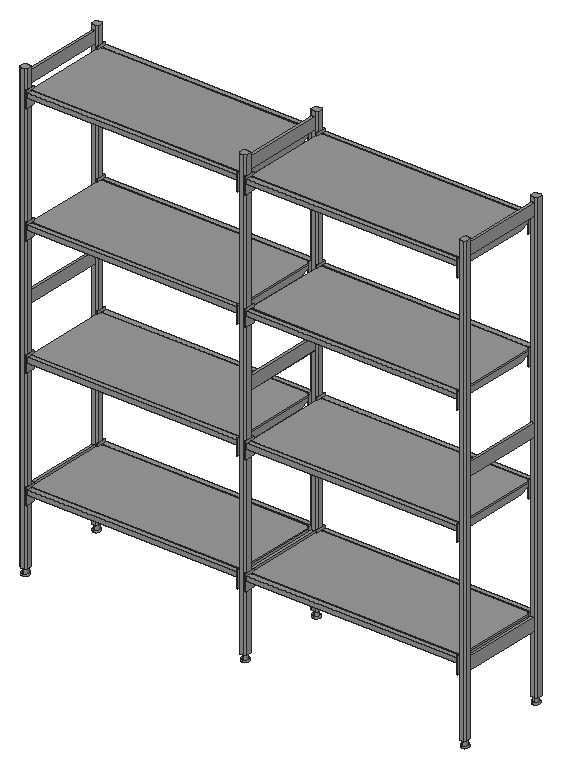
Revit family "QF_ZANUSSI_137020_ALS1696", category Attrezzature speciali, Revit 2020
Family settings
  Quota connettore circolare = Usa diametro
  Tipo di parte = Normale
  Basato su piano di lavoro = No
  Sempre verticale = Sì
  Taglio con vuoti quando caricato = No
  Condiviso = No
  Punto di calcolo locali = No
Parameters (values of type "Standard")
  Weight = 30.00 kg
  Watts = 0 W
  Volts = 0 V
  URL Manufacturer = "http://www.zanussiprofessional.com"
  URL = "http://www.zanussiprofessional.com"
  Steam Supply Size = 0 mm
  Steam Supply Minimum Pressure = 0.0 Pa
  Steam Supply Maximum Pressure = 0.0 Pa
  Steam Consumption per Hour = 0
  Refrigeration Suction Line Size = 0.0 mm
  Refrigeration Liquid Line Size = 0.0 mm
  Refrigerant Compressor Remote = yes
  Prospetto di default = 0.0 mm
  Phase = 0
  Modello = "ALS1696"
  Produttore = "Zanussi"
  Length Actual = 1696.0 mm  # constant formula
  Item Number = "137020"
  Hot Water Size = 0 mm
  Height Actual = 1700.0 mm  # constant formula
  HP = "0 HP"
  Gas Size = 0 mm
  Gas KW = 0
  Gas Input Pressure = 0 W
  Direct Waste Size = 0 mm
  Descrizione = "ALUM.LINEAR SHELV.-POLY.TIERS-373X1696MM"
  Depth Actual = 373.0 mm  # constant formula
  Cycle = 0 Hz
  Condensate Return Size = 0 mm
  Compressed Air Volume = 0.0 L/s
  Compressed Air Size = 0 mm
  Compressed Air Pressure = 0.0 Pa
  Cold Water Size = 0 mm
  Accessory = yes
Reference planes
  plane 1: z = 0
  plane 2 "CenterLeft": x = -31
  plane 3 "LEFT": x = -417
  plane 4 "BACK": y = 23
  plane 5 "FRONT": y = -350
  plane 6 "TOP": z = 1700
  plane 7: x = -385
  plane 8: x = 413
  plane 9 "Center (Front/Back)": y = -163.5
  plane 10: y = -8.5
  plane 11: y = -318.5
  plane 12 "FEET": z = 25
  plane 13: z = 275
  plane 14: z = 725
  plane 15: z = 1175
  plane 16: z = 1625
  plane 17 "CXLeft": x = -403
  plane 18 "Center (Left/Right)": x = 431
  plane 19: y = 5.5
  plane 20 "CYBack": y = 5.5
  plane 21 "CYFront": y = -332.5
  plane 22 "RIGHT": x = 1279
  plane 23: x = 1247
  plane 24 "CXRight": x = 1265
  plane 25: x = 449
Forms (mm)
  Extrusion 1, solid, material "QF_Aluminum"
    sketch origin (-417, 0, -4.006) x (0, 1, 0) y (0, 0, 1)
      loop
        line (-12, 1637.003) -> (4, 1637.003) -> (4, 1655) -> (2.007, 1655) -> (2.007, 1648.501) -> (-329, 1648.501) -> (-329, 1655) -> (-331, 1655) -> (-331, 1637.003) -> (-315, 1637.003) -> (-281, 1625) -> (-46, 1625) -> (-12, 1637.003)
      loop
        line (-12, 1187.003) -> (4, 1187.003) -> (4, 1205) -> (2.007, 1205) -> (2.007, 1198.501) -> (-329, 1198.501) -> (-329, 1205) -> (-331, 1205) -> (-331, 1187.003) -> (-315, 1187.003) -> (-281, 1175) -> (-46, 1175) -> (-12, 1187.003)
      loop
        line (-12, 737.003) -> (4, 737.003) -> (4, 755) -> (2.007, 755) -> (2.007, 748.501) -> (-329, 748.501) -> (-329, 755) -> (-331, 755) -> (-331, 737.003) -> (-315, 737.003) -> (-281, 725) -> (-46, 725) -> (-12, 737.003)
      loop
        line (-12, 287.003) -> (4, 287.003) -> (4, 305) -> (2.007, 305) -> (2.007, 298.501) -> (-329, 298.501) -> (-329, 305) -> (-331, 305) -> (-331, 287.003) -> (-315, 287.003) -> (-281, 275) -> (-46, 275) -> (-12, 287.003)
    from 37 to 32
  Extrusion 2, solid, material "QF_Aluminum"
    sketch origin (-417, 0, 0) x (0, 1, 0) y (0, 0, 1)
      loop
        line (23, 246.005) -> (23, 307.993) -> (-12.993, 307.993) -> (-12.993, 246.005) -> (23, 246.005)
      loop
        line (-350, 246.005) -> (-314.007, 246.005) -> (-314.007, 307.993) -> (-350, 307.993) -> (-350, 246.005)
      loop
        line (23, 696.005) -> (23, 757.993) -> (-12.993, 757.993) -> (-12.993, 696.005) -> (23, 696.005)
      loop
        line (-350, 696.005) -> (-314.007, 696.005) -> (-314.007, 757.993) -> (-350, 757.993) -> (-350, 696.005)
      loop
        line (23, 1146.005) -> (23, 1207.993) -> (-12.993, 1207.993) -> (-12.993, 1146.005) -> (23, 1146.005)
      loop
        line (-350, 1146.005) -> (-314.007, 1146.005) -> (-314.007, 1207.993) -> (-350, 1207.993) -> (-350, 1146.005)
      loop
        line (23, 1596.005) -> (23, 1657.993) -> (-12.993, 1657.993) -> (-12.993, 1596.005) -> (23, 1596.005)
      loop
        line (-350, 1596.005) -> (-314.007, 1596.005) -> (-314.007, 1657.993) -> (-350, 1657.993) -> (-350, 1596.005)
    from 28 to 32
  Extrusion 3, solid, material "QF_Aluminum"
    sketch origin (-417, 0, 0) x (0, 1, 0) y (0, 0, 1)
      loop
        line (4, 1650.994) -> (4, 1632.998) -> (23, 1632.998) -> (23, 1650.994) -> (4, 1650.994)
      loop
        line (-331, 1650.994) -> (-350, 1650.994) -> (-350, 1632.998) -> (-331, 1632.998) -> (-331, 1650.994)
      loop
        line (4, 1200.994) -> (4, 1182.998) -> (23, 1182.998) -> (23, 1200.994) -> (4, 1200.994)
      loop
        line (-331, 1200.994) -> (-350, 1200.994) -> (-350, 1182.998) -> (-331, 1182.998) -> (-331, 1200.994)
      loop
        line (4, 750.994) -> (4, 732.998) -> (23, 732.998) -> (23, 750.994) -> (4, 750.994)
      loop
        line (-331, 750.994) -> (-350, 750.994) -> (-350, 732.998) -> (-331, 732.998) -> (-331, 750.994)
      loop
        line (4, 300.994) -> (4, 282.998) -> (23, 282.998) -> (23, 300.994) -> (4, 300.994)
      loop
        line (-331, 300.994) -> (-350, 300.994) -> (-350, 282.998) -> (-331, 282.998) -> (-331, 300.994)
    from 32 to 830
  Extrusion 4, solid, material "QF_Polyethylene"
    sketch origin (-417, 0, 0) x (0, 1, 0) y (0, 0, 1)
      loop
        line (2.007, 1650.994) -> (-329, 1650.994) -> (-329, 1644.496) -> (2.007, 1644.496) -> (2.007, 1650.994)
      loop
        line (2.007, 1200.994) -> (-329, 1200.994) -> (-329, 1194.496) -> (2.007, 1194.496) -> (2.007, 1200.994)
      loop
        line (2.007, 750.994) -> (-329, 750.994) -> (-329, 744.496) -> (2.007, 744.496) -> (2.007, 750.994)
      loop
        line (2.007, 300.994) -> (-329, 300.994) -> (-329, 294.496) -> (2.007, 294.496) -> (2.007, 300.994)
    from 32 to 830
  Extrusion 5, solid, material "QF_Aluminum"
    sketch origin (1279, 0, 0) x (0, 1, 0) y (0, 0, 1)
      loop
        line (4, 1650.994) -> (4, 1632.998) -> (23, 1632.998) -> (23, 1650.994) -> (4, 1650.994)
      loop
        line (-331, 1650.994) -> (-350, 1650.994) -> (-350, 1632.998) -> (-331, 1632.998) -> (-331, 1650.994)
      loop
        line (4, 1200.994) -> (4, 1182.998) -> (23, 1182.998) -> (23, 1200.994) -> (4, 1200.994)
      loop
        line (-331, 1200.994) -> (-350, 1200.994) -> (-350, 1182.998) -> (-331, 1182.998) -> (-331, 1200.994)
      loop
        line (4, 750.994) -> (4, 732.998) -> (23, 732.998) -> (23, 750.994) -> (4, 750.994)
      loop
        line (-331, 750.994) -> (-350, 750.994) -> (-350, 732.998) -> (-331, 732.998) -> (-331, 750.994)
      loop
        line (4, 300.994) -> (4, 282.998) -> (23, 282.998) -> (23, 300.994) -> (4, 300.994)
      loop
        line (-331, 300.994) -> (-350, 300.994) -> (-350, 282.998) -> (-331, 282.998) -> (-331, 300.994)
    from -32 to -830
  Extrusion 6, solid, material "QF_Polyethylene"
    sketch origin (1279, 0, 0) x (0, 1, 0) y (0, 0, 1)
      loop
        line (2.007, 1650.994) -> (-329, 1650.994) -> (-329, 1644.496) -> (2.007, 1644.496) -> (2.007, 1650.994)
      loop
        line (2.007, 1200.994) -> (-329, 1200.994) -> (-329, 1194.496) -> (2.007, 1194.496) -> (2.007, 1200.994)
      loop
        line (2.007, 750.994) -> (-329, 750.994) -> (-329, 744.496) -> (2.007, 744.496) -> (2.007, 750.994)
      loop
        line (2.007, 300.994) -> (-329, 300.994) -> (-329, 294.496) -> (2.007, 294.496) -> (2.007, 300.994)
    from -32 to -830
Lines and regions (mm)
  symbolic lines
    curve 1: line (413, 4, 1700) -> (-385, 4, 1700)
    curve 2: line (-408, -8.5, 1700) -> (-408, -318.5, 1700)
    curve 3: line (-398, -318.5, 1700) -> (-398, -8.5, 1700)
    curve 4: line (-389, 23, 1700) -> (417, 23, 1700)
    curve 5: line (-385, -350, 1700) -> (413, -350, 1700)
    curve 6: line (445, 23, 1700) -> (1251, 23, 1700)
    curve 7: line (445, -350, 1700) -> (1251, -350, 1700)
    curve 8: line (-385, -331, 1700) -> (413, -331, 1700)
    curve 9: line (449, -331, 1700) -> (1247, -331, 1700)
    curve 10: line (449, 4, 1700) -> (1247, 4, 1700)
    curve 11: line (1247, -12.993, 1700) -> (1247, -314.007, 1700)
    curve 12: line (413, -12.993, 1700) -> (413, -314.007, 1700)
    curve 13: line (449, -314.007, 1700) -> (449, -12.993, 1700)
    curve 14: line (-385, -12.993, 1700) -> (-385, -314.007, 1700)
Dimensions and locks
  plane 3 "LEFT" to plane 2 "CenterLeft" = 386.0 mm
  locked: plane 6 "TOP" to level at 1700
  locked: plane 4 "BACK" to plane 5 "FRONT" at 373
  locked: plane 7 to plane 8 at 798
  locked: plane 10 to plane 11 at 310
  equal spacing: plane 10, plane 9 "Center (Front/Back)", plane 11
  equal spacing: plane 4 "BACK", plane 9 "Center (Front/Back)", plane 5 "FRONT"
  plane 12 "FEET" to level = 25.0 mm
  plane 6 "TOP" to plane 12 "FEET" = 1675.0 mm
  plane 13 to plane 12 "FEET" = 250.0 mm
  plane 14 to plane 13 = 450.0 mm
  plane 15 to plane 14 = 450.0 mm
  plane 16 to plane 15 = 450.0 mm
  locked: plane 4 "BACK" to plane 20 "CYBack" at 17.5
  locked: plane 21 "CYFront" to plane 5 "FRONT" at 17.5
  locked: plane 4 "BACK" to Extrusion 1 at 19
  locked: Extrusion 1 to plane 5 "FRONT" at 19
  Extrusion 1 sketch curve to plane 21 "CYFront" = 3.5 mm
  plane 3 "LEFT" to plane 22 "RIGHT" = 1696.0 mm
  locked: plane 25 to plane 23 at 798
  locked: plane 8 to plane 18 "Center (Left/Right)" at 18
  locked: plane 18 "Center (Left/Right)" to plane 25 at 18
  locked: plane 3 "LEFT" to plane 7 at 32
  locked: plane 24 "CXRight" to plane 22 "RIGHT" at 14
  aligned and locked: level to plane 1
  aligned and locked: plane 7 to Extrusion 1
  aligned and locked: Extrusion 2 to plane 7
  aligned and locked: plane 7 to Extrusion 4
  aligned and locked: Extrusion 4 to plane 8
  aligned and locked: plane 7 to Extrusion 3
  aligned and locked: Extrusion 3 to plane 8
  aligned and locked: Extrusion 3 sketch curve to Extrusion 1
  aligned and locked: Extrusion 1 to Extrusion 3 sketch curve
  aligned and locked: Extrusion 3 sketch curve to Extrusion 3 sketch curve  (x2)
  aligned and locked: Extrusion 1 sketch curve to Extrusion 1 sketch curve  (x3)
  aligned and locked: Extrusion 4 sketch curve to Extrusion 1  (x4)
  aligned and locked: Extrusion 5 sketch curve to Extrusion 5 sketch curve  (x2)
  aligned and locked: Extrusion 5 to plane 25
  aligned and locked: Extrusion 6 to plane 25
  aligned and locked: plane 18 "Center (Left/Right)" to nested 3
  aligned and locked: plane 17 "CXLeft" to nested 1
  aligned and locked: Extrusion 3 to plane 7  (x3)
  aligned and locked: plane 8 to Extrusion 3  (x4)
  aligned and locked: plane 25 to Extrusion 5  (x4)
  aligned and locked: plane 25 to Extrusion 6  (x4)
  aligned and locked: plane 8 to Extrusion 4  (x4)
  aligned and locked: plane 24 "CXRight" to nested 2
  aligned and locked: Extrusion 5 to plane 23
  aligned and locked: Extrusion 6 to plane 23
  aligned and locked: plane 23 to Extrusion 5  (x3)
  aligned and locked: plane 23 to Extrusion 6  (x3)
Automatic sketch dimensions
  plane 21 "CYFront" to Extrusion 1 sketch curve = 1.5 mm  (x4)
  plane 11 to Extrusion 1 sketch curve = 3.5 mm  (x4)
  Extrusion 1 sketch curve to plane 13 = 4.006 mm
  Extrusion 1 sketch curve to Extrusion 1 sketch curve = 34.0 mm  (x4)
  Extrusion 1 sketch curve to plane 14 = 4.006 mm
  Extrusion 1 sketch curve to plane 15 = 4.006 mm
  Extrusion 1 sketch curve to plane 16 = 4.006 mm
  Extrusion 1 sketch curve to plane 10 = 37.5 mm  (x4)
  Extrusion 1 sketch curve to plane 10 = 3.5 mm  (x4)
  plane 19 to Extrusion 1 sketch curve = 3.493 mm  (x4)
  plane 19 to Extrusion 1 sketch curve = 1.5 mm  (x4)
  plane 13 to Extrusion 1 sketch curve = 7.998 mm  (x2)
  Extrusion 1 sketch curve to Extrusion 1 sketch curve = 11.498 mm  (x4)
  Extrusion 1 sketch curve to Extrusion 1 sketch curve = 6.499 mm  (x8)
  plane 14 to Extrusion 1 sketch curve = 7.998 mm  (x2)
  plane 15 to Extrusion 1 sketch curve = 7.998 mm  (x2)
  plane 16 to Extrusion 1 sketch curve = 7.998 mm  (x2)
  Extrusion 2 sketch curve to plane 5 "FRONT" = 0.0 mm  (x4)
  Extrusion 2 sketch curve to plane 4 "BACK" = 0.0 mm  (x4)
  plane 11 to Extrusion 2 sketch curve = 4.493 mm  (x4)
  Extrusion 2 sketch curve to plane 10 = 4.493 mm  (x4)
  Extrusion 2 sketch curve to plane 13 = 28.995 mm  (x2)
  plane 13 to Extrusion 2 sketch curve = 32.993 mm  (x2)
  Extrusion 2 sketch curve to plane 14 = 28.995 mm  (x2)
  plane 14 to Extrusion 2 sketch curve = 32.993 mm  (x2)
  Extrusion 2 sketch curve to plane 15 = 28.995 mm  (x2)
  plane 15 to Extrusion 2 sketch curve = 32.993 mm  (x2)
  Extrusion 2 sketch curve to plane 16 = 28.995 mm  (x2)
  plane 16 to Extrusion 2 sketch curve = 32.993 mm  (x2)
  Extrusion 3 sketch curve to plane 5 "FRONT" = 0.0 mm  (x4)
  Extrusion 3 sketch curve to plane 4 "BACK" = 0.0 mm  (x4)
  plane 19 to Extrusion 3 sketch curve = 1.5 mm  (x4)
  plane 13 to Extrusion 3 sketch curve = 7.998 mm  (x2)
  Extrusion 3 sketch curve to Extrusion 3 sketch curve = 17.997 mm  (x8)
  plane 14 to Extrusion 3 sketch curve = 7.998 mm  (x2)
  plane 15 to Extrusion 3 sketch curve = 7.998 mm  (x2)
  plane 16 to Extrusion 3 sketch curve = 7.998 mm  (x2)
  plane 19 to Extrusion 4 sketch curve = 3.493 mm  (x4)
  plane 13 to Extrusion 4 sketch curve = 19.496 mm
  Extrusion 4 sketch curve to Extrusion 4 sketch curve = 6.499 mm  (x4)
  plane 14 to Extrusion 4 sketch curve = 19.496 mm
  plane 15 to Extrusion 4 sketch curve = 19.496 mm
  plane 16 to Extrusion 4 sketch curve = 19.496 mm
  Extrusion 5 sketch curve to plane 5 "FRONT" = 0.0 mm  (x4)
  Extrusion 5 sketch curve to plane 4 "BACK" = 0.0 mm  (x4)
  plane 21 "CYFront" to Extrusion 5 sketch curve = 1.5 mm  (x2)
  plane 19 to Extrusion 5 sketch curve = 1.5 mm  (x4)
  plane 13 to Extrusion 5 sketch curve = 7.998 mm  (x2)
  Extrusion 5 sketch curve to Extrusion 5 sketch curve = 17.997 mm  (x8)
  plane 14 to Extrusion 5 sketch curve = 7.998 mm  (x2)
  plane 15 to Extrusion 5 sketch curve = 7.998 mm  (x2)
  plane 16 to Extrusion 5 sketch curve = 7.998 mm  (x2)
  plane 21 "CYFront" to Extrusion 6 sketch curve = 3.5 mm  (x4)
  plane 19 to Extrusion 6 sketch curve = 3.493 mm  (x4)
  plane 13 to Extrusion 6 sketch curve = 19.496 mm
  Extrusion 6 sketch curve to Extrusion 6 sketch curve = 6.499 mm  (x4)
  plane 14 to Extrusion 6 sketch curve = 19.496 mm
  plane 15 to Extrusion 6 sketch curve = 19.496 mm
  plane 16 to Extrusion 6 sketch curve = 19.496 mm
  curve 7 to plane 5 "FRONT" = 0.0 mm
  curve 5 to plane 5 "FRONT" = 0.0 mm
  curve 8 to plane 8 = 0.0 mm
  curve 9 to plane 25 = 0.0 mm
  curve 9 to plane 23 = 0.0 mm
  curve 8 to plane 7 = 0.0 mm
  curve 2 to plane 11 = 0.0 mm
  curve 3 to plane 11 = 0.0 mm
  curve 14 to plane 7 = 0.0 mm
  curve 13 to plane 25 = 0.0 mm
  curve 12 to plane 8 = 0.0 mm
  curve 11 to plane 23 = 0.0 mm
  curve 3 to plane 10 = 0.0 mm
  curve 2 to plane 10 = 0.0 mm
  curve 1 to plane 8 = 0.0 mm
  curve 1 to plane 7 = 0.0 mm
  curve 10 to plane 23 = 0.0 mm
  curve 10 to plane 25 = 0.0 mm
  curve 4 to plane 4 "BACK" = 0.0 mm
  curve 6 to plane 4 "BACK" = 0.0 mm
  curve 5 to plane 8 = 0.0 mm
  curve 5 to plane 7 = 0.0 mm
  plane 21 "CYFront" to curve 8 = 1.5 mm
  plane 21 "CYFront" to curve 9 = 1.5 mm
  plane 11 to curve 14 = 4.493 mm
  plane 11 to curve 13 = 4.493 mm
  plane 11 to curve 12 = 4.493 mm
  plane 11 to curve 11 = 4.493 mm
  curve 14 to plane 10 = 4.493 mm
  curve 13 to plane 10 = 4.493 mm
  curve 12 to plane 10 = 4.493 mm
  curve 11 to plane 10 = 4.493 mm
  plane 19 to curve 1 = 1.5 mm
  plane 19 to curve 10 = 1.5 mm
  curve 6 to plane 23 = 4.0 mm
  curve 7 to plane 23 = 4.0 mm
  curve 6 to plane 25 = 4.0 mm
  curve 7 to plane 25 = 4.0 mm
  curve 4 to plane 8 = 4.0 mm
  plane 7 to curve 4 = 4.0 mm
  plane 17 "CXLeft" to curve 3 = 5.0 mm
  curve 2 to plane 17 "CXLeft" = 5.0 mm
Nested families
  nested 1: "WT_Anta373" at (0, 0, 0), type "WT_Anta373"
  nested 2: "WT_Anta373" at (862, 0, 0) x (-1, 0, 0) z (0, 0, 1), type "WT_Anta373"
  nested 3: "WT_Anta373Center" at (834, 0, 0), type "WT_Anta373Center"
Definition of nested family "WT_Anta373"
  Parameters
    WidthLeft = A + 64.0 mm  # 772.0 mm
    Width = 1606.0 mm
    Right = WidthLeft / 2  # 386.0 mm
    Default Elevation = 0.0 mm
    Left = -WidthLeft / 2  # -386.0 mm
    Height = 1725.0 mm
    FEET = 25.0 mm
    E = 0.0 mm
    Dint = Depth - 63.0 mm  # 310.0 mm
    Dext = Depth - 8.0 mm  # 365.0 mm
    Depth = 373.0 mm
    DX = (WidthLeft - A) / 2  # 32.0 mm
    B = 798.0 mm
    A = 708.0 mm
  Reference planes
    plane 1: z = 0
    plane 2 "LEFT": x = -417
    plane 3 "BACK": y = 23
    plane 4 "FRONT": y = -350
    plane 5 "TOP": z = 1725
    plane 6 "Center (Front/Back)": y = -163.5
    plane 7: y = -8.5
    plane 8: y = -318.5
    plane 9 "FEET": z = 25
    plane 10: z = 275
    plane 11: z = 725
    plane 12: z = 1175
    plane 13: z = 1625
    plane 14 "CXLeft": x = -403
    plane 15: y = 5.5
    plane 16 "CYBack": y = 5.5
    plane 17 "CYFront": y = -332.5
    plane 18: x = -385.031
    plane 19: x = -380.031
  Forms (mm)
    Extrusion 1, solid
      sketch origin (0, 0, 0) x (1, 0, 0) y (0, 1, 0)
        loop
          line (-417, 13.246) -> (-417, -2.246) -> (-410.746, -8.5) -> (-395.254, -8.5) -> (-389, -2.246) -> (-389, 13.246) -> (-395.254, 19.5) -> (-410.746, 19.5) -> (-417, 13.246)
      from 1725 to 25
    Extrusion 2, solid
      sketch origin (-417, 0, 0) x (0, 1, 0) y (0, 0, 1)
        loop
          line (23, 246.005) -> (23, 307.993) -> (-12.993, 307.993) -> (-12.993, 246.005) -> (23, 246.005)
        loop
          line (-350, 246.005) -> (-314.007, 246.005) -> (-314.007, 307.993) -> (-350, 307.993) -> (-350, 246.005)
        loop
          line (23, 696.005) -> (23, 757.993) -> (-12.993, 757.993) -> (-12.993, 696.005) -> (23, 696.005)
        loop
          line (-350, 696.005) -> (-314.007, 696.005) -> (-314.007, 757.993) -> (-350, 757.993) -> (-350, 696.005)
        loop
          line (23, 1146.005) -> (23, 1207.993) -> (-12.993, 1207.993) -> (-12.993, 1146.005) -> (23, 1146.005)
        loop
          line (-350, 1146.005) -> (-314.007, 1146.005) -> (-314.007, 1207.993) -> (-350, 1207.993) -> (-350, 1146.005)
        loop
          line (23, 1596.005) -> (23, 1657.993) -> (-12.993, 1657.993) -> (-12.993, 1596.005) -> (23, 1596.005)
        loop
          line (-350, 1596.005) -> (-314.007, 1596.005) -> (-314.007, 1657.993) -> (-350, 1657.993) -> (-350, 1596.005)
      from 28 to 32
    Revolve 3, solid
      sketch origin (-403, 0, 0) x (0, 1, 0) y (0, 0, 1)
        loop
          line (5.5, 25) -> (5.5, 0) -> (19, 0) -> (19, 5) -> (14, 5) -> (14, 25) -> (5.5, 25)
        axis (5.5, 25) -> (5.5, 0)
      angle from 0 to 360
    Extrusion 4, solid
      sketch origin (-403, 0, 0) x (0, 1, 0) y (0, 0, 1)
        loop
          line (-8.5, 912.382) -> (-8.5, 957.374) -> (-318.5, 957.374) -> (-318.5, 912.382) -> (-8.5, 912.382)
        loop
          line (-8.5, 1662.244) -> (-8.5, 1707.236) -> (-318.5, 1707.236) -> (-318.5, 1662.244) -> (-8.5, 1662.244)
      from -5 to 5
    Revolve 5, solid
      sketch origin (-403, -627, 0) x (0, -1, 0) y (0, 0, 1)
        loop
          line (-294.5, 25) -> (-294.5, 0) -> (-281, 0) -> (-281, 5) -> (-286, 5) -> (-286, 25) -> (-294.5, 25)
        axis (-294.5, 25) -> (-294.5, 0)
      angle from 0 to 360
    Extrusion 6, solid
      sketch origin (0, -627, 0) x (1, 0, 0) y (0, 1, 0)
        loop
          line (-417, 286.754) -> (-410.746, 280.5) -> (-395.254, 280.5) -> (-389, 286.754) -> (-389, 302.246) -> (-395.254, 308.5) -> (-410.746, 308.5) -> (-417, 302.246) -> (-417, 286.754)
      from 1725 to 25
    Extrusion 7, solid
      sketch origin (-417.031, -0.022, 0) x (0, 1, 0) y (0, 0, -1)
        loop
          line (-12, -1632.998) -> (-46, -1620.994) -> (-281, -1620.994) -> (-315, -1632.998) -> (-331, -1632.998) -> (-331, -1650.994) -> (-329, -1650.994) -> (-329, -1644.496) -> (2.007, -1644.496) -> (2.007, -1650.994) -> (4, -1650.994) -> (4, -1632.998) -> (-12, -1632.998)
        loop
          line (-12, -1182.998) -> (-46, -1170.994) -> (-281, -1170.994) -> (-315, -1182.998) -> (-331, -1182.998) -> (-331, -1200.994) -> (-329, -1200.994) -> (-329, -1194.496) -> (2.007, -1194.496) -> (2.007, -1200.994) -> (4, -1200.994) -> (4, -1182.998) -> (-12, -1182.998)
        loop
          line (-12, -732.998) -> (-46, -720.994) -> (-281, -720.994) -> (-315, -732.998) -> (-331, -732.998) -> (-331, -750.994) -> (-329, -750.994) -> (-329, -744.496) -> (2.007, -744.496) -> (2.007, -750.994) -> (4, -750.994) -> (4, -732.998) -> (-12, -732.998)
        loop
          line (-12, -282.998) -> (-46, -270.994) -> (-281, -270.994) -> (-315, -282.998) -> (-331, -282.998) -> (-331, -300.994) -> (-329, -300.994) -> (-329, -294.496) -> (2.007, -294.496) -> (2.007, -300.994) -> (4, -300.994) -> (4, -282.998) -> (-12, -282.998)
      from -32 to -37
    Extrusion 8, solid
      sketch origin (-403, 0, -659.878) x (0, 1, 0) y (0, 0, 1)
        loop
          line (-8.5, 912.382) -> (-8.5, 957.374) -> (-318.5, 957.374) -> (-318.5, 912.382) -> (-8.5, 912.382)
        loop
          line (-8.5, 1572.382) -> (-8.5, 1617.374) -> (-318.5, 1617.374) -> (-318.5, 1572.382) -> (-8.5, 1572.382)
        loop
          line (-8.5, 2322.382) -> (-8.5, 2367.374) -> (-318.5, 2367.374) -> (-318.5, 2322.382) -> (-8.5, 2322.382)
      from -5 to 5
  Lines and regions (mm)
    symbolic lines
      curve 1: line (-408, -8.5, 1725) -> (-408, -318.5, 1725)
      curve 2: line (-398, -318.5, 1725) -> (-398, -8.5, 1725)
      curve 3: line (-395.254, -8.5, 1725) -> (-410.746, -8.5, 1725)
      curve 4: line (-417, -2.246, 1725) -> (-410.746, -8.5, 1725)
      curve 5: line (-417, 13.246, 1725) -> (-417, -2.246, 1725)
      curve 6: line (-410.746, 19.5, 1725) -> (-417, 13.246, 1725)
      curve 7: line (-395.254, 19.5, 1725) -> (-410.746, 19.5, 1725)
      curve 8: line (-389, 13.246, 1725) -> (-395.254, 19.5, 1725)
      curve 9: line (-395.254, -8.5, 1725) -> (-389, -2.246, 1725)
      curve 10: line (-395.254, -318.5, 1725) -> (-410.746, -318.5, 1725)
      curve 11: line (-417, -324.754, 1725) -> (-410.746, -318.5, 1725)
      curve 12: line (-410.746, -346.5, 1725) -> (-417, -340.246, 1725)
      curve 13: line (-395.254, -346.5, 1725) -> (-410.746, -346.5, 1725)
      curve 14: line (-389, -340.246, 1725) -> (-395.254, -346.5, 1725)
      curve 15: line (-395.254, -318.5, 1725) -> (-389, -324.754, 1725)
      curve 16: line (-389, -350, 1725) -> (-389, -314.007, 1725)
      curve 17: line (-389, -314.007, 1725) -> (-385, -314.007, 1725)
      curve 18: line (-389, 23, 1725) -> (-389, -12.993, 1725)
      curve 19: line (-389, -12.993, 1725) -> (-385, -12.993, 1725)
      curve 20: line (-417, -324.754, 1725) -> (-417, -340.246, 1725)
      curve 21: line (-385, -350, 1725) -> (-385, -314.007, 1725)
      curve 22: line (-385, -350, 1725) -> (-389, -350, 1725)
      curve 23: line (-385, 23, 1725) -> (-389, 23, 1725)
      curve 24: line (-385, -12.993, 1725) -> (-385, 23, 1725)
      curve 25: line (-385.031, -13.016, 1725) -> (-385.031, -314.029, 1725)
  Dimensions and locks
    "Height": plane 5 "TOP" to level
    "Depth": plane 3 "BACK" to plane 4 "FRONT"
    "Dint": plane 7 to plane 8
    equal spacing: plane 7, plane 6 "Center (Front/Back)", plane 8
    equal spacing: plane 3 "BACK", plane 6 "Center (Front/Back)", plane 4 "FRONT"
    plane 9 "FEET" to level = 25.0 mm
    plane 5 "TOP" to plane 9 "FEET" = 1700.0 mm
    plane 10 to plane 9 "FEET" = 250.0 mm
    plane 11 to plane 10 = 450.0 mm
    plane 12 to plane 11 = 450.0 mm
    plane 13 to plane 12 = 450.0 mm
    locked: plane 2 "LEFT" to plane 14 "CXLeft" at 14
    locked: plane 3 "BACK" to plane 16 "CYBack" at 17.5
    locked: plane 17 "CYFront" to plane 4 "FRONT" at 17.5
    locked: Revolve 3 sketch curve to Revolve 3 sketch curve at 8.5
    locked: Revolve 3 sketch curve to plane 16 "CYBack" at 13.5
    locked: Revolve 5 sketch curve to Revolve 5 sketch curve at 8.5
    aligned and locked: level to plane 1
    aligned and locked: curve 20 to Extrusion 6
    aligned and locked: plane 5 "TOP" to Extrusion 1
    aligned and locked: plane 5 "TOP" to Extrusion 6
    aligned and locked: Extrusion 7 sketch curve to Extrusion 7 sketch curve  (x3)
  Automatic sketch dimensions
    curve 16 to plane 4 "FRONT" = 0.0 mm
    curve 11 to plane 8 = 0.0 mm
    curve 9 to plane 7 = 0.0 mm
    curve 5 to plane 2 "LEFT" = 0.0 mm
    curve 23 to plane 3 "BACK" = 0.0 mm
    plane 4 "FRONT" to curve 13 = 3.5 mm
    curve 20 to plane 17 "CYFront" = 7.746 mm
    curve 20 to plane 8 = 6.254 mm
    plane 8 to curve 16 = 4.493 mm
    curve 24 to plane 18 = 0.031 mm
    curve 24 to plane 7 = 4.493 mm
    plane 7 to curve 5 = 6.254 mm
    curve 5 to plane 15 = 7.746 mm
    curve 6 to plane 3 "BACK" = 3.5 mm
    curve 21 to plane 18 = 0.031 mm
    plane 18 to curve 23 = 3.969 mm
    plane 18 to curve 16 = 3.969 mm
    curve 18 to curve 8 = 6.254 mm
    curve 18 to curve 3 = 6.254 mm
    curve 16 to curve 13 = 6.254 mm
    curve 16 to curve 15 = 6.254 mm
    plane 2 "LEFT" to curve 10 = 6.254 mm
    plane 2 "LEFT" to curve 7 = 6.254 mm
    plane 2 "LEFT" to curve 12 = 6.254 mm
    plane 2 "LEFT" to curve 3 = 6.254 mm
    curve 14 to plane 17 "CYFront" = 7.746 mm
    curve 15 to plane 8 = 6.254 mm
    plane 7 to curve 9 = 6.254 mm
    curve 8 to plane 15 = 7.746 mm
    curve 3 to curve 2 = 2.746 mm
    curve 1 to curve 10 = 2.746 mm
    Extrusion 1 sketch curve to plane 2 "LEFT" = 0.0 mm
    Extrusion 1 sketch curve to plane 7 = 0.0 mm
    plane 2 "LEFT" to Extrusion 1 sketch curve = 6.254 mm  (x2)
    plane 14 "CXLeft" to Extrusion 1 sketch curve = 7.746 mm  (x2)
    Extrusion 1 sketch curve to plane 3 "BACK" = 3.5 mm
    plane 18 to Extrusion 1 sketch curve = 3.969 mm
    plane 7 to Extrusion 1 sketch curve = 6.254 mm  (x2)
    Extrusion 1 sketch curve to plane 15 = 7.746 mm  (x2)
    Extrusion 2 sketch curve to plane 4 "FRONT" = 0.0 mm  (x4)
    Extrusion 2 sketch curve to plane 3 "BACK" = 0.0 mm  (x4)
    plane 8 to Extrusion 2 sketch curve = 4.493 mm  (x4)
    Extrusion 2 sketch curve to plane 7 = 4.493 mm  (x4)
    Extrusion 2 sketch curve to plane 10 = 28.995 mm  (x2)
    plane 10 to Extrusion 2 sketch curve = 32.993 mm  (x2)
    Extrusion 2 sketch curve to plane 11 = 28.995 mm  (x2)
    plane 11 to Extrusion 2 sketch curve = 32.993 mm  (x2)
    Extrusion 2 sketch curve to plane 12 = 28.995 mm  (x2)
    plane 12 to Extrusion 2 sketch curve = 32.993 mm  (x2)
    Extrusion 2 sketch curve to plane 13 = 28.995 mm  (x2)
    plane 13 to Extrusion 2 sketch curve = 32.993 mm  (x2)
    Revolve 3 sketch curve to plane 9 "FEET" = 0.0 mm  (x2)
    Revolve 3 sketch curve to plane 15 = 0.0 mm  (x2)
    Revolve 3 sketch curve to level = 0.0 mm
    level to Revolve 3 sketch curve = 5.0 mm
    Revolve 3 sketch curve to Revolve 3 sketch curve = 11.655 mm
    Extrusion 4 sketch curve to plane 8 = 0.0 mm  (x2)
    Extrusion 4 sketch curve to plane 7 = 0.0 mm  (x2)
    plane 11 to Extrusion 4 sketch curve = 187.382 mm
    Extrusion 4 sketch curve to Extrusion 4 sketch curve = 44.992 mm
    plane 13 to Extrusion 4 sketch curve = 37.244 mm
    Extrusion 4 sketch curve to plane 5 "TOP" = 17.764 mm
    Revolve 5 sketch curve to plane 9 "FEET" = 0.0 mm  (x2)
    Revolve 5 sketch curve to plane 17 "CYFront" = 0.0 mm  (x2)
    Revolve 5 sketch curve to level = 0.0 mm
    Revolve 5 sketch curve to plane 4 "FRONT" = 4.0 mm
    Revolve 5 sketch curve to Revolve 5 sketch curve = 5.0 mm
    level to Revolve 5 sketch curve = 11.655 mm
    Extrusion 6 sketch curve to plane 2 "LEFT" = 0.0 mm
    Extrusion 6 sketch curve to plane 8 = 0.0 mm
    Extrusion 6 sketch curve to plane 2 "LEFT" = 6.254 mm  (x2)
    Extrusion 6 sketch curve to plane 14 "CXLeft" = 7.746 mm  (x2)
    Extrusion 6 sketch curve to plane 4 "FRONT" = 3.5 mm
    Extrusion 6 sketch curve to plane 18 = 3.969 mm
    plane 8 to Extrusion 6 sketch curve = 6.254 mm  (x2)
    plane 17 "CYFront" to Extrusion 6 sketch curve = 7.746 mm  (x2)
    plane 17 "CYFront" to Extrusion 7 sketch curve = 1.478 mm  (x4)
    Extrusion 7 sketch curve to Extrusion 7 sketch curve = 2.0 mm
    plane 8 to Extrusion 7 sketch curve = 3.478 mm  (x4)
    Extrusion 7 sketch curve to plane 10 = 4.006 mm
    Extrusion 7 sketch curve to Extrusion 7 sketch curve = 34.0 mm  (x4)
    Extrusion 7 sketch curve to plane 11 = 4.006 mm
    Extrusion 7 sketch curve to plane 12 = 4.006 mm
    Extrusion 7 sketch curve to plane 13 = 4.006 mm
    Extrusion 7 sketch curve to plane 7 = 37.522 mm  (x4)
    Extrusion 7 sketch curve to plane 7 = 3.522 mm  (x4)
    plane 15 to Extrusion 7 sketch curve = 3.516 mm  (x4)
    plane 15 to Extrusion 7 sketch curve = 1.522 mm  (x4)
    plane 13 to Extrusion 7 sketch curve = 7.998 mm  (x2)
    Extrusion 7 sketch curve to Extrusion 7 sketch curve = 11.498 mm
    Extrusion 7 sketch curve to Extrusion 7 sketch curve = 6.499 mm  (x5)
    plane 12 to Extrusion 7 sketch curve = 25.994 mm  (x2)
    plane 12 to Extrusion 7 sketch curve = 7.998 mm  (x2)
    plane 11 to Extrusion 7 sketch curve = 25.994 mm  (x2)
    plane 11 to Extrusion 7 sketch curve = 7.998 mm  (x2)
    plane 10 to Extrusion 7 sketch curve = 25.994 mm  (x2)
    plane 10 to Extrusion 7 sketch curve = 7.998 mm  (x2)
    curve 25 to plane 18 = 0.0 mm
    plane 8 to curve 25 = 4.471 mm
    curve 25 to plane 7 = 4.516 mm
    Extrusion 8 sketch curve to plane 8 = 0.0 mm  (x3)
    Extrusion 8 sketch curve to plane 7 = 0.0 mm  (x3)
    Extrusion 8 sketch curve to plane 10 = 22.496 mm
    plane 10 to Extrusion 8 sketch curve = 22.496 mm
    plane 11 to Extrusion 8 sketch curve = 187.504 mm
    Extrusion 8 sketch curve to Extrusion 8 sketch curve = 44.992 mm
    plane 13 to Extrusion 8 sketch curve = 37.504 mm
    Extrusion 8 sketch curve to plane 5 "TOP" = 17.504 mm
Definition of nested family "WT_Anta373Center"
  Parameters
    WidthLeft = A + 64.0 mm  # 772.0 mm
    Width = 1606.0 mm
    Right = WidthLeft / 2  # 386.0 mm
    Default Elevation = 0.0 mm
    Left = -WidthLeft / 2  # -386.0 mm
    Height = 1725.0 mm
    FEET = 25.0 mm
    E = 0.0 mm
    Dint = Depth - 63.0 mm  # 310.0 mm
    Dext = Depth - 8.0 mm  # 365.0 mm
    Depth = 373.0 mm
    DX = (WidthLeft - A) / 2  # 32.0 mm
    B = 798.0 mm
    A = 708.0 mm
  Reference planes
    plane 1: z = 0
    plane 2 "L": x = -417
    plane 3 "BACK": y = 23
    plane 4 "FRONT": y = -350
    plane 5 "TOP": z = 1725
    plane 6 "Center (Front/Back)": y = -163.5
    plane 7: y = -8.5
    plane 8: y = -318.5
    plane 9 "FEET": z = 25
    plane 10: z = 275
    plane 11: z = 725
    plane 12: z = 1175
    plane 13: z = 1625
    plane 14 "CXLeft": x = -403
    plane 15: y = 5.5
    plane 16 "CYBack": y = 5.5
    plane 17 "CYFront": y = -332.5
    plane 18: x = -385.031
    plane 19 "RIGHT": x = -380.031
    plane 20: x = -420.969
    plane 21 "LEFT": x = -425.969
  Forms (mm)
    Extrusion 1, solid
      sketch origin (0, 0, 0) x (1, 0, 0) y (0, 1, 0)
        loop
          line (-417, 13.246) -> (-417, -2.246) -> (-410.746, -8.5) -> (-395.254, -8.5) -> (-389, -2.246) -> (-389, 13.246) -> (-395.254, 19.5) -> (-410.746, 19.5) -> (-417, 13.246)
      from 1725 to 25
    Extrusion 2, solid
      sketch origin (-417, 0, 0) x (0, 1, 0) y (0, 0, 1)
        loop
          line (23, 246.005) -> (23, 307.993) -> (-12.993, 307.993) -> (-12.993, 246.005) -> (23, 246.005)
        loop
          line (-350, 246.005) -> (-314.007, 246.005) -> (-314.007, 307.993) -> (-350, 307.993) -> (-350, 246.005)
        loop
          line (23, 696.005) -> (23, 757.993) -> (-12.993, 757.993) -> (-12.993, 696.005) -> (23, 696.005)
        loop
          line (-350, 696.005) -> (-314.007, 696.005) -> (-314.007, 757.993) -> (-350, 757.993) -> (-350, 696.005)
        loop
          line (23, 1146.005) -> (23, 1207.993) -> (-12.993, 1207.993) -> (-12.993, 1146.005) -> (23, 1146.005)
        loop
          line (-350, 1146.005) -> (-314.007, 1146.005) -> (-314.007, 1207.993) -> (-350, 1207.993) -> (-350, 1146.005)
        loop
          line (23, 1596.005) -> (23, 1657.993) -> (-12.993, 1657.993) -> (-12.993, 1596.005) -> (23, 1596.005)
        loop
          line (-350, 1596.005) -> (-314.007, 1596.005) -> (-314.007, 1657.993) -> (-350, 1657.993) -> (-350, 1596.005)
      from 28 to 32
    Revolve 3, solid
      sketch origin (-403, 0, 0) x (0, 1, 0) y (0, 0, 1)
        loop
          line (5.5, 25) -> (5.5, 0) -> (19, 0) -> (19, 5) -> (14, 5) -> (14, 25) -> (5.5, 25)
        axis (5.5, 25) -> (5.5, 0)
      angle from 0 to 360
    Extrusion 4, solid
      sketch origin (-403, 0, 0) x (0, 1, 0) y (0, 0, 1)
        loop
          line (-8.5, 912.382) -> (-8.5, 957.374) -> (-318.5, 957.374) -> (-318.5, 912.382) -> (-8.5, 912.382)
        loop
          line (-8.5, 1662.244) -> (-8.5, 1707.236) -> (-318.5, 1707.236) -> (-318.5, 1662.244) -> (-8.5, 1662.244)
      from -5 to 5
    Revolve 5, solid
      sketch origin (-403, -627, 0) x (0, -1, 0) y (0, 0, 1)
        loop
          line (-294.5, 25) -> (-294.5, 0) -> (-281, 0) -> (-281, 5) -> (-286, 5) -> (-286, 25) -> (-294.5, 25)
        axis (-294.5, 25) -> (-294.5, 0)
      angle from 0 to 360
    Extrusion 6, solid
      sketch origin (0, -627, 0) x (1, 0, 0) y (0, 1, 0)
        loop
          line (-417, 286.754) -> (-410.746, 280.5) -> (-395.254, 280.5) -> (-389, 286.754) -> (-389, 302.246) -> (-395.254, 308.5) -> (-410.746, 308.5) -> (-417, 302.246) -> (-417, 286.754)
      from 1725 to 25
    Extrusion 7, solid
      sketch origin (-417.031, -0.022, 0) x (0, 1, 0) y (0, 0, -1)
        loop
          line (-12, -1632.998) -> (-46, -1620.994) -> (-281, -1620.994) -> (-315, -1632.998) -> (-331, -1632.998) -> (-331, -1650.994) -> (-329, -1650.994) -> (-329, -1644.496) -> (2.007, -1644.496) -> (2.007, -1650.994) -> (4, -1650.994) -> (4, -1632.998) -> (-12, -1632.998)
        loop
          line (-12, -1182.998) -> (-46, -1170.994) -> (-281, -1170.994) -> (-315, -1182.998) -> (-331, -1182.998) -> (-331, -1200.994) -> (-329, -1200.994) -> (-329, -1194.496) -> (2.007, -1194.496) -> (2.007, -1200.994) -> (4, -1200.994) -> (4, -1182.998) -> (-12, -1182.998)
        loop
          line (-12, -732.998) -> (-46, -720.994) -> (-281, -720.994) -> (-315, -732.998) -> (-331, -732.998) -> (-331, -750.994) -> (-329, -750.994) -> (-329, -744.496) -> (2.007, -744.496) -> (2.007, -750.994) -> (4, -750.994) -> (4, -732.998) -> (-12, -732.998)
        loop
          line (-12, -282.998) -> (-46, -270.994) -> (-281, -270.994) -> (-315, -282.998) -> (-331, -282.998) -> (-331, -300.994) -> (-329, -300.994) -> (-329, -294.496) -> (2.007, -294.496) -> (2.007, -300.994) -> (4, -300.994) -> (4, -282.998) -> (-12, -282.998)
      from -32 to -37
    Extrusion 8, solid
      sketch origin (-403, 0, -659.878) x (0, 1, 0) y (0, 0, 1)
        loop
          line (-8.5, 912.382) -> (-8.5, 957.374) -> (-318.5, 957.374) -> (-318.5, 912.382) -> (-8.5, 912.382)
        loop
          line (-8.5, 1572.382) -> (-8.5, 1617.374) -> (-318.5, 1617.374) -> (-318.5, 1572.382) -> (-8.5, 1572.382)
        loop
          line (-8.5, 2322.382) -> (-8.5, 2367.374) -> (-318.5, 2367.374) -> (-318.5, 2322.382) -> (-8.5, 2322.382)
      from -5 to 5
    Extrusion 9, solid
      sketch origin (-389, 0, 0) x (0, 1, 0) y (0, 0, -1)
        loop
          line (23, -246.005) -> (-12.993, -246.005) -> (-12.993, -307.993) -> (23, -307.993) -> (23, -246.005)
        loop
          line (-350, -246.005) -> (-350, -307.993) -> (-314.007, -307.993) -> (-314.007, -246.005) -> (-350, -246.005)
        loop
          line (23, -696.005) -> (-12.993, -696.005) -> (-12.993, -757.993) -> (23, -757.993) -> (23, -696.005)
        loop
          line (-350, -696.005) -> (-350, -757.993) -> (-314.007, -757.993) -> (-314.007, -696.005) -> (-350, -696.005)
        loop
          line (23, -1146.005) -> (-12.993, -1146.005) -> (-12.993, -1207.993) -> (23, -1207.993) -> (23, -1146.005)
        loop
          line (-350, -1146.005) -> (-350, -1207.993) -> (-314.007, -1207.993) -> (-314.007, -1146.005) -> (-350, -1146.005)
        loop
          line (23, -1596.005) -> (-12.993, -1596.005) -> (-12.993, -1657.993) -> (23, -1657.993) -> (23, -1596.005)
        loop
          line (-350, -1596.005) -> (-350, -1657.993) -> (-314.007, -1657.993) -> (-314.007, -1596.005) -> (-350, -1596.005)
      from 28 to 32
    Extrusion 10, solid
      sketch origin (-388.969, -0.022, 0) x (0, 1, 0) y (0, 0, 1)
        loop
          line (-12, 1632.998) -> (4, 1632.998) -> (4, 1650.994) -> (2.007, 1650.994) -> (2.007, 1644.496) -> (-329, 1644.496) -> (-329, 1650.994) -> (-331, 1650.994) -> (-331, 1632.998) -> (-315, 1632.998) -> (-281, 1620.994) -> (-46, 1620.994) -> (-12, 1632.998)
        loop
          line (-12, 1182.998) -> (4, 1182.998) -> (4, 1200.994) -> (2.007, 1200.994) -> (2.007, 1194.496) -> (-329, 1194.496) -> (-329, 1200.994) -> (-331, 1200.994) -> (-331, 1182.998) -> (-315, 1182.998) -> (-281, 1170.994) -> (-46, 1170.994) -> (-12, 1182.998)
        loop
          line (-12, 732.998) -> (4, 732.998) -> (4, 750.994) -> (2.007, 750.994) -> (2.007, 744.496) -> (-329, 744.496) -> (-329, 750.994) -> (-331, 750.994) -> (-331, 732.998) -> (-315, 732.998) -> (-281, 720.994) -> (-46, 720.994) -> (-12, 732.998)
        loop
          line (-12, 282.998) -> (4, 282.998) -> (4, 300.994) -> (2.007, 300.994) -> (2.007, 294.496) -> (-329, 294.496) -> (-329, 300.994) -> (-331, 300.994) -> (-331, 282.998) -> (-315, 282.998) -> (-281, 270.994) -> (-46, 270.994) -> (-12, 282.998)
      from -32 to -37
  Lines and regions (mm)
    symbolic lines
      curve 1: line (-408, -8.5, 1725) -> (-408, -318.5, 1725)
      curve 2: line (-398, -318.5, 1725) -> (-398, -8.5, 1725)
      curve 3: line (-395.254, -8.5, 1725) -> (-410.746, -8.5, 1725)
      curve 4: line (-417, -2.246, 1725) -> (-410.746, -8.5, 1725)
      curve 5: line (-410.746, 19.5, 1725) -> (-417, 13.246, 1725)
      curve 6: line (-395.254, 19.5, 1725) -> (-410.746, 19.5, 1725)
      curve 7: line (-389, 13.246, 1725) -> (-395.254, 19.5, 1725)
      curve 8: line (-395.254, -8.5, 1725) -> (-389, -2.246, 1725)
      curve 9: line (-395.254, -318.5, 1725) -> (-410.746, -318.5, 1725)
      curve 10: line (-417, -324.754, 1725) -> (-410.746, -318.5, 1725)
      curve 11: line (-410.746, -346.5, 1725) -> (-417, -340.246, 1725)
      curve 12: line (-395.254, -346.5, 1725) -> (-410.746, -346.5, 1725)
      curve 13: line (-389, -340.246, 1725) -> (-395.254, -346.5, 1725)
      curve 14: line (-395.254, -318.5, 1725) -> (-389, -324.754, 1725)
      curve 15: line (-389, -350, 1725) -> (-389, -314.007, 1725)
      curve 16: line (-389, -314.007, 1725) -> (-385, -314.007, 1725)
      curve 17: line (-389, 23, 1725) -> (-389, -12.993, 1725)
      curve 18: line (-389, -12.993, 1725) -> (-385, -12.993, 1725)
      curve 19: line (-385, -350, 1725) -> (-385, -314.007, 1725)
      curve 20: line (-385, -350, 1725) -> (-389, -350, 1725)
      curve 21: line (-385, 23, 1725) -> (-389, 23, 1725)
      curve 22: line (-385, -12.993, 1725) -> (-385, 23, 1725)
      curve 23: line (-385.031, -13.016, 1725) -> (-385.031, -314.029, 1725)
      curve 24: line (-417, -350, 1725) -> (-417, -314.007, 1725)
      curve 25: line (-417, -314.007, 1725) -> (-421, -314.007, 1725)
      curve 26: line (-417, 23, 1725) -> (-417, -12.993, 1725)
      curve 27: line (-417, -12.993, 1725) -> (-421, -12.993, 1725)
      curve 28: line (-421, -350, 1725) -> (-421, -314.007, 1725)
      curve 29: line (-421, -350, 1725) -> (-417, -350, 1725)
      curve 30: line (-421, 23, 1725) -> (-417, 23, 1725)
      curve 31: line (-421, -12.993, 1725) -> (-421, 23, 1725)
      curve 32: line (-420.969, -13.016, 1725) -> (-420.969, -314.029, 1725)
  Dimensions and locks
    "Height": plane 5 "TOP" to level
    "Depth": plane 3 "BACK" to plane 4 "FRONT"
    "Dint": plane 7 to plane 8
    equal spacing: plane 7, plane 6 "Center (Front/Back)", plane 8
    equal spacing: plane 3 "BACK", plane 6 "Center (Front/Back)", plane 4 "FRONT"
    plane 9 "FEET" to level = 25.0 mm
    plane 5 "TOP" to plane 9 "FEET" = 1700.0 mm
    plane 10 to plane 9 "FEET" = 250.0 mm
    plane 11 to plane 10 = 450.0 mm
    plane 12 to plane 11 = 450.0 mm
    plane 13 to plane 12 = 450.0 mm
    locked: plane 3 "BACK" to plane 16 "CYBack" at 17.5
    locked: plane 17 "CYFront" to plane 4 "FRONT" at 17.5
    locked: Revolve 3 sketch curve to Revolve 3 sketch curve at 8.5
    locked: Revolve 3 sketch curve to plane 16 "CYBack" at 13.5
    locked: Revolve 5 sketch curve to Revolve 5 sketch curve at 8.5
    aligned and locked: level to plane 1
    aligned and locked: plane 5 "TOP" to Extrusion 1
    aligned and locked: plane 5 "TOP" to Extrusion 6
    aligned and locked: Extrusion 7 sketch curve to Extrusion 7 sketch curve  (x3)
    aligned and locked: Extrusion 10 sketch curve to Extrusion 10 sketch curve  (x3)
  Automatic sketch dimensions
    curve 15 to plane 4 "FRONT" = 0.0 mm
    curve 28 to plane 4 "FRONT" = 0.0 mm
    curve 9 to plane 8 = 0.0 mm
    curve 25 to plane 2 "L" = 0.0 mm
    curve 8 to plane 7 = 0.0 mm
    curve 17 to plane 3 "BACK" = 0.0 mm
    curve 30 to plane 3 "BACK" = 0.0 mm
    plane 4 "FRONT" to curve 11 = 3.5 mm
    curve 19 to plane 18 = 0.031 mm
    plane 8 to curve 19 = 4.493 mm
    plane 8 to curve 25 = 4.493 mm
    curve 27 to plane 20 = 0.031 mm
    curve 27 to plane 7 = 4.493 mm
    curve 17 to plane 7 = 4.493 mm
    curve 5 to plane 15 = 7.746 mm
    curve 7 to plane 3 "BACK" = 3.5 mm
    curve 18 to plane 18 = 0.031 mm
    plane 18 to curve 21 = 3.969 mm
    plane 18 to curve 20 = 3.969 mm
    curve 15 to curve 9 = 6.254 mm
    curve 17 to curve 7 = 6.254 mm
    curve 17 to curve 3 = 6.254 mm
    curve 15 to curve 12 = 6.254 mm
    plane 2 "L" to curve 12 = 6.254 mm
    plane 2 "L" to curve 4 = 6.254 mm
    plane 2 "L" to curve 10 = 6.254 mm
    plane 2 "L" to curve 5 = 6.254 mm
    curve 28 to plane 20 = 0.031 mm
    curve 13 to plane 17 "CYFront" = 7.746 mm
    curve 14 to plane 8 = 6.254 mm
    plane 7 to curve 8 = 6.254 mm
    curve 7 to plane 15 = 7.746 mm
    curve 9 to curve 2 = 2.746 mm
    curve 1 to curve 9 = 2.746 mm
    Extrusion 1 sketch curve to plane 2 "L" = 0.0 mm
    Extrusion 1 sketch curve to plane 7 = 0.0 mm
    plane 2 "L" to Extrusion 1 sketch curve = 6.254 mm  (x2)
    plane 14 "CXLeft" to Extrusion 1 sketch curve = 7.746 mm  (x2)
    Extrusion 1 sketch curve to plane 3 "BACK" = 3.5 mm
    plane 18 to Extrusion 1 sketch curve = 3.969 mm
    plane 7 to Extrusion 1 sketch curve = 6.254 mm  (x2)
    Extrusion 1 sketch curve to plane 15 = 7.746 mm  (x2)
    Extrusion 2 sketch curve to plane 4 "FRONT" = 0.0 mm  (x4)
    Extrusion 2 sketch curve to plane 3 "BACK" = 0.0 mm  (x4)
    plane 8 to Extrusion 2 sketch curve = 4.493 mm  (x4)
    Extrusion 2 sketch curve to plane 7 = 4.493 mm  (x4)
    Extrusion 2 sketch curve to plane 10 = 28.995 mm  (x2)
    plane 10 to Extrusion 2 sketch curve = 32.993 mm  (x2)
    Extrusion 2 sketch curve to plane 11 = 28.995 mm  (x2)
    plane 11 to Extrusion 2 sketch curve = 32.993 mm  (x2)
    Extrusion 2 sketch curve to plane 12 = 28.995 mm  (x2)
    plane 12 to Extrusion 2 sketch curve = 32.993 mm  (x2)
    Extrusion 2 sketch curve to plane 13 = 28.995 mm  (x2)
    plane 13 to Extrusion 2 sketch curve = 32.993 mm  (x2)
    Revolve 3 sketch curve to plane 9 "FEET" = 0.0 mm  (x2)
    Revolve 3 sketch curve to plane 15 = 0.0 mm  (x2)
    Revolve 3 sketch curve to level = 0.0 mm
    level to Revolve 3 sketch curve = 5.0 mm
    Revolve 3 sketch curve to Revolve 3 sketch curve = 11.655 mm
    Extrusion 4 sketch curve to plane 8 = 0.0 mm  (x2)
    Extrusion 4 sketch curve to plane 7 = 0.0 mm  (x2)
    plane 11 to Extrusion 4 sketch curve = 187.382 mm
    Extrusion 4 sketch curve to Extrusion 4 sketch curve = 44.992 mm
    plane 13 to Extrusion 4 sketch curve = 37.244 mm
    Extrusion 4 sketch curve to plane 5 "TOP" = 17.764 mm
    Revolve 5 sketch curve to plane 9 "FEET" = 0.0 mm  (x2)
    Revolve 5 sketch curve to plane 17 "CYFront" = 0.0 mm  (x2)
    Revolve 5 sketch curve to level = 0.0 mm
    Revolve 5 sketch curve to plane 4 "FRONT" = 4.0 mm
    Revolve 5 sketch curve to Revolve 5 sketch curve = 5.0 mm
    level to Revolve 5 sketch curve = 11.655 mm
    Extrusion 6 sketch curve to plane 2 "L" = 0.0 mm
    Extrusion 6 sketch curve to plane 8 = 0.0 mm
    Extrusion 6 sketch curve to plane 2 "L" = 6.254 mm  (x2)
    Extrusion 6 sketch curve to plane 14 "CXLeft" = 7.746 mm  (x2)
    Extrusion 6 sketch curve to plane 4 "FRONT" = 3.5 mm
    Extrusion 6 sketch curve to plane 18 = 3.969 mm
    plane 8 to Extrusion 6 sketch curve = 6.254 mm  (x2)
    plane 17 "CYFront" to Extrusion 6 sketch curve = 7.746 mm  (x2)
    plane 17 "CYFront" to Extrusion 7 sketch curve = 1.478 mm  (x4)
    Extrusion 7 sketch curve to Extrusion 7 sketch curve = 2.0 mm
    plane 8 to Extrusion 7 sketch curve = 3.478 mm  (x4)
    Extrusion 7 sketch curve to plane 10 = 4.006 mm
    Extrusion 7 sketch curve to Extrusion 7 sketch curve = 34.0 mm  (x4)
    Extrusion 7 sketch curve to plane 11 = 4.006 mm
    Extrusion 7 sketch curve to plane 12 = 4.006 mm
    Extrusion 7 sketch curve to plane 13 = 4.006 mm
    Extrusion 7 sketch curve to plane 7 = 37.522 mm  (x4)
    Extrusion 7 sketch curve to plane 7 = 3.522 mm  (x4)
    plane 15 to Extrusion 7 sketch curve = 3.516 mm  (x4)
    plane 15 to Extrusion 7 sketch curve = 1.522 mm  (x4)
    plane 13 to Extrusion 7 sketch curve = 7.998 mm  (x2)
    Extrusion 7 sketch curve to Extrusion 7 sketch curve = 11.498 mm
    Extrusion 7 sketch curve to Extrusion 7 sketch curve = 6.499 mm  (x5)
    plane 12 to Extrusion 7 sketch curve = 25.994 mm  (x2)
    plane 12 to Extrusion 7 sketch curve = 7.998 mm  (x2)
    plane 11 to Extrusion 7 sketch curve = 25.994 mm  (x2)
    plane 11 to Extrusion 7 sketch curve = 7.998 mm  (x2)
    plane 10 to Extrusion 7 sketch curve = 25.994 mm  (x2)
    plane 10 to Extrusion 7 sketch curve = 7.998 mm  (x2)
    curve 23 to plane 18 = 0.0 mm
    curve 32 to plane 20 = 0.0 mm
    plane 8 to curve 23 = 4.471 mm
    plane 8 to curve 32 = 4.471 mm
    curve 32 to plane 7 = 4.516 mm
    curve 23 to plane 7 = 4.516 mm
    Extrusion 8 sketch curve to plane 8 = 0.0 mm  (x3)
    Extrusion 8 sketch curve to plane 7 = 0.0 mm  (x3)
    Extrusion 8 sketch curve to plane 10 = 22.496 mm
    plane 10 to Extrusion 8 sketch curve = 22.496 mm
    plane 11 to Extrusion 8 sketch curve = 187.504 mm
    Extrusion 8 sketch curve to Extrusion 8 sketch curve = 44.992 mm
    plane 13 to Extrusion 8 sketch curve = 37.504 mm
    Extrusion 8 sketch curve to plane 5 "TOP" = 17.504 mm
    Extrusion 9 sketch curve to plane 4 "FRONT" = 0.0 mm  (x4)
    Extrusion 9 sketch curve to plane 3 "BACK" = 0.0 mm  (x4)
    plane 8 to Extrusion 9 sketch curve = 4.493 mm  (x4)
    Extrusion 9 sketch curve to plane 7 = 4.493 mm  (x4)
    plane 13 to Extrusion 9 sketch curve = 32.993 mm  (x2)
    Extrusion 9 sketch curve to plane 13 = 28.995 mm  (x2)
    plane 12 to Extrusion 9 sketch curve = 32.993 mm  (x2)
    Extrusion 9 sketch curve to plane 12 = 28.995 mm  (x2)
    plane 11 to Extrusion 9 sketch curve = 32.993 mm  (x2)
    Extrusion 9 sketch curve to plane 11 = 28.995 mm  (x2)
    plane 10 to Extrusion 9 sketch curve = 32.993 mm  (x2)
    Extrusion 9 sketch curve to plane 10 = 28.995 mm  (x2)
    plane 17 "CYFront" to Extrusion 10 sketch curve = 1.478 mm  (x4)
    Extrusion 10 sketch curve to Extrusion 10 sketch curve = 2.0 mm
    plane 8 to Extrusion 10 sketch curve = 3.478 mm  (x4)
    Extrusion 10 sketch curve to plane 10 = 4.006 mm
    Extrusion 10 sketch curve to Extrusion 10 sketch curve = 34.0 mm  (x4)
    Extrusion 10 sketch curve to plane 11 = 4.006 mm
    Extrusion 10 sketch curve to plane 12 = 4.006 mm
    Extrusion 10 sketch curve to plane 13 = 4.006 mm
    Extrusion 10 sketch curve to plane 7 = 37.522 mm  (x4)
    Extrusion 10 sketch curve to plane 7 = 3.522 mm  (x4)
    plane 15 to Extrusion 10 sketch curve = 3.516 mm  (x4)
    plane 15 to Extrusion 10 sketch curve = 1.522 mm  (x4)
    plane 10 to Extrusion 10 sketch curve = 7.998 mm  (x2)
    Extrusion 10 sketch curve to Extrusion 10 sketch curve = 11.498 mm  (x4)
    Extrusion 10 sketch curve to Extrusion 10 sketch curve = 6.499 mm  (x8)
    plane 11 to Extrusion 10 sketch curve = 7.998 mm  (x2)
    plane 12 to Extrusion 10 sketch curve = 7.998 mm  (x2)
    plane 13 to Extrusion 10 sketch curve = 7.998 mm  (x2)
    curve 4 to plane 2 "L" = 0.0 mm
    plane 7 to curve 4 = 6.254 mm
    curve 11 to plane 17 "CYFront" = 7.746 mm
    curve 10 to plane 8 = 6.254 mm
